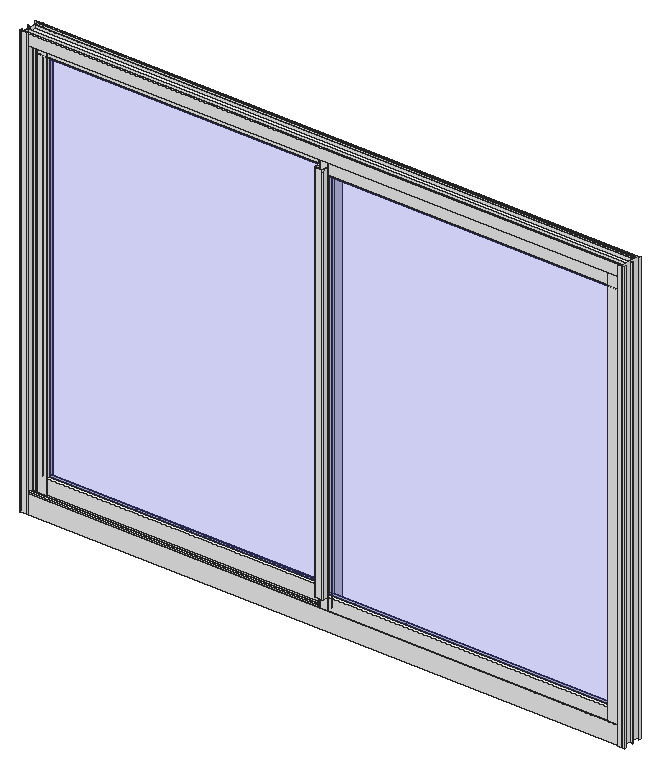
Revit family "Elite_Sliding_Window_OX_Standard", category Windows, host Wall, Revit 2014
Parameters (values of type "Elite-2115OX-1000Pa")
  Windload Design = if(Custom Windload < 1001 mm, 1000 mm, if(Custom Windload < 1501 mm, 1500 mm, 2000 mm))  # 1000 mm
  Width Sash Right [instance] = 1047.9 mm
  Width Sash Left [instance] = 1047.9 mm
  Width = if(Custom Window Width < Limit Window Width Min, Limit Window Width Min, if(Custom Window Width > Limit Window Width Max, Limit Window Width Max, Custom Window Width))  # 2090 mm
  Wall Thickness [instance] = 200 mm
  URL = "http://www.crealco.co.za/crealco-products.php"
  Thermal Resistance (R) [instance] = if(IGDB or SAGDB Number = 1000015, 1.0000 (m²·K)/W / Clearvue U Value, if(IGDB or SAGDB Number = 9922, 1.0000 (m²·K)/W / Energy Advantage U Value, if(IGDB or SAGDB Number = 100100, 1.0000 (m²·K)/W / Intruderprufe U Value, if(IGDB or SAGDB Number = 103200, 1.0000 (m²·K)/W / Intruderprufe LowE U Value, 1.0000 (m²·K)/W / 7.9)))) * 1  # 0.126582 (m²·K)/W
  Standard Interlocker = not(Inside Heavy Duty Interlocker)  # no
  Solar Heat Gain Coefficient [instance] = if(IGDB or SAGDB Number = 1000015, Clearvue SHGC Value, if(IGDB or SAGDB Number = 9922, Energy Advantage SHGC Value, if(IGDB or SAGDB Number = 100100, Intruderprufe SHGC Value, if(IGDB or SAGDB Number = 103200, Intruderprufe LowE SHGC Value, 0))))  # 0
  Sash Width Right = (Width - (2 mm * 12) - Sash Width Left) + 29.8 mm  # 1047.9 mm
  Sash Width Left = if(Equal Sash Width, ((Width - (2 mm * 12)) / 2) + 14.9 mm, if(Custom Sash Width Left < Limit Sash Width Left Min, Limit Sash Width Left Min, if(Custom Sash Width Left > Limit Sash Width Left Max, Limit Sash Width Left Max, Custom Sash Width Left)))  # 1047.9 mm
  Sash Side Spacing = 0.5 mm  # constant formula
  Sash Height = Height - 29 mm - 54 mm  # 1407 mm
  Sash Frame Seal = 2.6 mm  # constant formula
  Rough Width = 2.5 mm
  Overall Width [instance] = 2090 mm
  Overall Height [instance] = 1490 mm
  Outside Heavy Duty Interlocker = if(Interlocker Configuration = 2 mm, 1 = 1, 1 = 0)  # no
  Model = "Elite"  # constant formula
  Max Pane Area = if(Area Right Sash Glazing > Area Left Sash Glazing, Area Right Sash Glazing, Area Left Sash Glazing)  # 1.29646 m²
  Manufacturer = "Crealco"  # constant formula
  Limit Window Width Min = (2 * Limit Sash Width Min) + (2 mm * 12) - 29.8 mm  # 594.2 mm
  Limit Window Width Max = if(Windload Design = 1000 mm, (2 * Limit Sash Width Max) + (2 mm * 12) - 29.8 mm, if(Windload Design = 1500 mm, if(Custom Window Height > 1490 mm, 1490 mm, (2 * Limit Sash Width Max) + (2 mm * 12) - 29.8 mm), if(Custom Window Height > 1490 mm, 890 mm, (2 * Limit Sash Width Max) + (2 mm * 12) - 29.8 mm)))  # 2994.2 mm
  Limit Window Height Min = Limit Sash Height Min + (29 mm + 54 mm)  # 383 mm
  Limit Window Height Max = if(Windload Design = 1000 mm, Limit Sash Height Max + (29 mm + 54 mm), if(Windload Design = 1500 mm, if(and(Custom Window Width > 1490 mm, Custom Window Height > 1490 mm), 1490 mm, Limit Sash Height Max + (29 mm + 54 mm)), if(and(Custom Window Width > 890 mm, Custom Window Height > 1490 mm), 1490 mm, Limit Sash Height Max + (29 mm + 54 mm))))  # 1883 mm
  Limit Sash Width Min = 300 mm  # constant formula
  Limit Sash Width Max = 1500 mm  # constant formula
  Limit Sash Width Left Min = if(Width - (2 mm * 12) - Limit Sash Width Max + 29.8 mm < Limit Sash Width Min, Limit Sash Width Min, Width - (2 mm * 12) - Limit Sash Width Max + 29.8 mm)  # 595.8 mm
  Limit Sash Width Left Max = if(Width - (2 mm * 12) - Limit Sash Width Min + 29.8 mm > Limit Sash Width Max, Limit Sash Width Max, Width - (2 mm * 12) - Limit Sash Width Min + 29.8 mm)  # 1500 mm
  Limit Sash Height Min = 300 mm  # constant formula
  Limit Sash Height Max = 1800 mm  # constant formula
  Intruderprufe U Value = 5.7
  Intruderprufe SHGC Value = 0.727
  Intruderprufe LowE U Value = 3.95
  Intruderprufe LowE SHGC Value = 0.638
  Interlocker Configuration = if(Windload Design = 1000 mm, if(or(not(Height > 890 mm), or(and(not(Height > 1190 mm), not(Width > 2690 mm)), and(not(Height > 1490 mm), not(Width > 890 mm)))), 0 mm, if(and(Height > 1490 mm, Width > 1190 mm), 2 mm, 1 mm)), if(Windload Design = 1500 mm, if(or(and(not(Width > 1190 mm), not(Height > 1190 mm)), not(Height > 890 mm)), 0 mm, if(or(and(Width > 1790 mm, Height > 1190 mm), and(Width > 890 mm, Height > 1490 mm)), 2 mm, 1 mm)), if(or(not(Height > 890 mm), and(not(Width > 890 mm), not(Height > 1190 mm))), 0 mm, if(or(Height > 1490 mm, and(Width > 1190 mm, Height > 1190 mm)), 2 mm, 1 mm))))  # 1 mm
  IGDB or SAGDB Number [instance] = 0
  Height Sash [instance] = 1407 mm
  Inside Heavy Duty Interlocker = if(or(Interlocker Configuration = 1 mm, Interlocker Configuration = 2 mm), 1 = 1, 1 = 0)  # yes
  Height = if(Custom Window Height < Limit Window Height Min, Limit Window Height Min, if(Custom Window Height > Limit Window Height Max, Limit Window Height Max, Custom Window Height))  # 1490 mm
  Heat Transfer Coefficient (U) [instance] = if(IGDB or SAGDB Number = 1000015, Clearvue U Value, if(IGDB or SAGDB Number = 9922, Energy Advantage U Value, if(IGDB or SAGDB Number = 100100, Intruderprufe U Value, if(IGDB or SAGDB Number = 103200, Intruderprufe LowE U Value, 7.9)))) * 1.0000 W/(m²·K)  # 7.9000 W/(m²·K)
  Glazing Thickness [instance] = if(IGDB or SAGDB Number = 1000015, 4 mm, if(IGDB or SAGDB Number = 9922, 4 mm, if(IGDB or SAGDB Number = 100100, 6 mm, if(IGDB or SAGDB Number = 103200, 7 mm, if(not(Max Pane Area > 0.75 m²), 4 mm, if(not(Max Pane Area > 1.50 m²), 4 mm, if(not(Max Pane Area > 2.10 m²), 5 mm, if(not(Max Pane Area > 2.90 m²), 6.4 mm, if(not(Max Pane Area > 4.30 m²), 8 mm, 10 mm)))))))))  # 4 mm
  Glazing Material [instance] = if(IGDB or SAGDB Number = 1000015, "PFG CLEARVUE 4mm", if(IGDB or SAGDB Number = 9922, "PFG ENERGY ADVANTAGE 4mm LOW-E", if(IGDB or SAGDB Number = 100100, "PFG INTRUDERPRUFE 6.38mm", if(IGDB or SAGDB Number = 103200, "PFG INTRUDERPRUFE LOW-E 7.38mm", "Unknown"))))  # "Unknown"
  Glazing Finish [instance] = Glass
  Glazing Code [instance] = if(IGDB or SAGDB Number = 1000015, "CF4", if(IGDB or SAGDB Number = 9922, "CF4E", if(IGDB or SAGDB Number = 100100, "LAM01", if(IGDB or SAGDB Number = 103200, "LAM01E", "Unknown"))))  # "Unknown"
  Frame Thickness = 70.3 mm  # constant formula
  Frame Offset From Exterior [instance] = if(Centered In Wall, (Wall Thickness - Frame Thickness) / 2, Custom Frame Offset From Exterior)  # 64.85 mm
  Equal Sash Width = yes
  Energy Advantage U Value = 4.07
  Energy Advantage SHGC Value = 0.686
  Description = "Sliding window, OX"  # constant formula
  Default Sill Height = 800 mm
  Wall Closure = By host
  Custom Window Width = 2090 mm
  Custom Window Height = 1490 mm
  Custom Windload = 1000 mm
  Custom Sash Width Left = 600 mm
  Custom Frame Offset From Exterior = 0 mm
  Clearvue U Value = 5.83
  Clearvue SHGC Value = 0.767
  Centered In Wall = yes
  Area Right Sash Glazing = (Sash Width Right - 21 mm - 41 mm) * (Sash Height - (46 mm * 2))  # 1.29646 m²
  Area Left Sash Glazing = (Sash Width Left - 21 mm - 41 mm) * (Sash Height - (46 mm * 2))  # 1.29646 m²
  Aluminium Finish [instance] = White Powder Coated Aluminium ANP 1052
  All Available Glazing Numbers [instance] = "The rows below list the available glazing materials for this window:"  # constant formula
  9922 [instance] = "CF4E"  # constant formula
  103200 [instance] = "LAM01E"  # constant formula
  100100 [instance] = "LAM01"  # constant formula
  1000015 [instance] = "CF4"  # constant formula
Reference planes
  plane 1 "Center (Front/Back)": y = 0
  plane 2 "Center (Left/Right)": x = 0
  plane 3 "Left": x = -1045
  plane 4 "Right": x = 1045
  plane 5 "Sill": z = 800
  plane 6 "Head": z = 2290
  plane 7 "Exterior": y = 100
  plane 8 "Interior": y = -100
Lines and regions (mm)
  Opening 1
    outline origin (3500, -100, 0) x (1, 0, 0) y (0, 0, 1)
      loop
        line (-2455, 800) -> (-2455, 2290) -> (-4545, 2290) -> (-4545, 800) -> (-2455, 800)
Text (mm)
  text "EXTERIOR" at (-1963.203, 1332.353, 0), in view "Ref. Level"
  text "INTERIOR" at (-1981.466, -818.386, 0), in view "Ref. Level"
  text "Exterior" at (0, 923.751, 2943.296), in view "Right"
  text "Exterior" at (0, 1040.484, 2685.409), in view "Left"
Dimensions and locks
  equal spacing: plane 3 "Left", plane 2 "Center (Left/Right)", plane 4 "Right"
  "Width": plane 3 "Left" to plane 4 "Right"
  "Height": plane 5 "Sill" to plane 6 "Head"
  "Default Sill Height": plane 5 "Sill" to level
  locked: plane 7 "Exterior" to host wall at 0
  locked: plane 8 "Interior" to host wall
  "Overall Height": plane 6 "Head" to plane 5 "Sill"
  "Overall Width": plane 3 "Left" to plane 4 "Right"
  locked: host wall to nested 1 at 35.15
  "Sash Frame Seal": nested 1 to nested 2
  "Sash Frame Seal": nested 1 to nested 3
  "Sash Side Spacing": nested 1 to nested 3
  "Sash Side Spacing": nested 2 to nested 1
  "Width Sash Left": nested 2 to nested 2
  "Height Sash": nested 2 to nested 2
  "Width Sash Right": nested 3 to nested 3
  "Wall Thickness": host wall to host wall
  aligned and locked: nested 1 to plane 6 "Head"
  aligned and locked: nested 1 to plane 3 "Left"
  aligned and locked: nested 3 to nested 1
  aligned and locked: nested 2 to nested 1
Automatic sketch dimensions
  plane 3 "Left" to Opening 1 sketch curve = 0 mm
  plane 4 "Right" to Opening 1 sketch curve = 0 mm
  Opening 1 sketch curve to plane 5 "Sill" = 0 mm
  Opening 1 sketch curve to plane 6 "Head" = 0 mm
Nested families
  nested 1: "Elite_Frame_OX_Std" at (1045, -35.15, 800), Profile Material <- "Aluminium Finish", Width <- "Width", Height <- "Height", type "Elite_Frame_OX_Std"
    with Width 2090 mm, Profile Material White Powder Coated Aluminium ANP 1052, Length Jamb 1490 mm, Length Head & Sill 2067 mm, Height 1490 mm
  nested 2: "Elite_Sash_Inner_OX_Std" at (1033, -30.5, 854), Profile Material <- "Aluminium Finish", Glazing Material <- "Glazing Finish", Sash Width <- "Sash Width Left", Sash Height <- "Sash Height", Glazing Thickness <- "Glazing Thickness", Is Heavy Duty Interlocker <- "Inside Heavy Duty Interlocker", type "Elite_Sash_Inner_OX_Std"
    with Sash Width 1047.9 mm, Sash Height 1407 mm, Right Sliding no, Profile Material White Powder Coated Aluminium ANP 1052, Length Sash Head & Sill 1031.9 mm, Length Arrow Tip 95.687 mm, Length Arrow 315.767 mm, Left Sliding no, Is Standard Interlocker no, Is Sliding no, Is Heavy Duty Interlocker yes, Glazing Width 985.9 mm, Glazing Thickness 4 mm, Glazing Start -2 mm, Glazing Material Glass, Glazing Height 1315 mm, Glazing Frame Side Gap 3 mm, Glazing End 2 mm, Arrow Tip Length 95.687 mm, Arrow Left Gap 335.067 mm, Arrow Bottom Gap 657.5 mm
  nested 3: "Elite_Sash_Outer_OX_Std" at (-1033, 30.2, 854) x (-1, 0, 0) z (0, 0, 1), Profile Material <- "Aluminium Finish", Glazing Material <- "Glazing Finish", Glazing Thickness <- "Glazing Thickness", Sash Width <- "Sash Width Right", Sash Height <- "Sash Height", Is Heavy Duty Interlocker <- "Outside Heavy Duty Interlocker", type "Elite_Sash_Outer_OX_Std"
    with Sash Width 1047.9 mm, Sash Height 1407 mm, Right Sliding yes, Profile Material White Powder Coated Aluminium ANP 1052, Length Sash Head & Sill 1031.9 mm, Length Arrow Tip 95.687 mm, Length Arrow 315.767 mm, Left Sliding no, Is Standard Interlocker yes, Is Sliding yes, Is Heavy Duty Interlocker no, Glazing Width 985.9 mm, Glazing Thickness 4 mm, Glazing Start -2 mm, Glazing Material Glass, Glazing Height 1315 mm, Glazing Frame Side Gap 3 mm, Glazing End 2 mm, Arrow Tip Length 95.687 mm, Arrow Left Gap 335.067 mm, Arrow Bottom Gap 657.5 mm
Definition of nested family "Elite_Frame_OX_Std"
  Parameters (values of type "Elite_Frame_OX_XX")
    Width [instance] = 900 mm
    Profile Material [instance] = none
    Length Jamb [instance] = Height  # 900 mm
    Length Head & Sill [instance] = Width - 2 * 11.5 mm  # 877 mm
    Height [instance] = 900 mm
  Reference planes
    plane 1 "Center (Front/Back)": y = 0
    plane 2: z = 0
    plane 3 "Center (Left/Right)": x = 0
  Dimensions and locks
    aligned and locked: level to plane 2
    aligned and locked: nested 2 to plane 2
    aligned and locked: plane 3 "Center (Left/Right)" to nested 2
    aligned and locked: plane 1 "Center (Front/Back)" to nested 2
    aligned and locked: nested 1 to nested 2  (x2)
    aligned and locked: nested 2 to nested 3
    aligned and locked: nested 2 to nested 1
    aligned and locked: nested 4 to plane 1 "Center (Front/Back)"
    aligned and locked: nested 4 to nested 1
    aligned and locked: plane 2 to nested 4
    aligned and locked: nested 3 to nested 2
    aligned and locked: nested 3 to nested 4
  Nested families
    nested 1: "Elite_Frame_Sill" at (-11.5, 68.5, 0) x (-1, 0, 0) z (0, 0, 1), Profile Material <- "Profile Material", Length Frame Sill <- "Length Head & Sill", type "Elite_Frame_Sill"
      with Profile Material none, Length Frame Sill 877 mm
    nested 2: "Elite_Frame_Jamb_Mirror" at (-24.5, 70.3, 0) x (0, -1, 0) z (0, 0, 1), Profile Material <- "Profile Material", Length Frame Jamb <- "Length Jamb", type "Elite_Frame_Jamb_Mirror"
      with Profile Material none, Length Frame Jamb 900 mm
    nested 3: "Elite_Frame_Head" at (-888.5, 1.5, 759.46), Profile Material <- "Profile Material", Length Frame Head <- "Length Head & Sill", type "Elite_Frame_Head"
      with Profile Material none, Length Frame Head 877 mm
    nested 4: "Elite_Frame_Jamb" at (-875.5, 70.3, 0) x (0, -1, 0) z (0, 0, 1), Profile Material <- "Profile Material", Length Frame Jamb <- "Length Jamb", type "Elite_Frame_Jamb"
      with Profile Material none, Length Frame Jamb 900 mm
  Definition of nested family "Elite_Frame_Sill"
    Parameters (values of type "Elite_Frame_Sill")
      Profile Material [instance] = none
      Length Frame Sill [instance] = 250 mm
    Reference planes
      plane 1 "Center (Front/Back)": y = 0
      plane 2: z = 0
      plane 3 "Center (Left/Right)": x = 0
    Forms (mm)
      Extrusion 1, solid, material <- "Profile Material"
        sketch origin (0, 0, 0) x (0, 1, 0) y (0, 0, 1)
          loop
            line (20.5, 61.807) -> (15.922, 62.99) -> (11.5, 61.805) -> (11.5, 54) -> (12.9, 54) -> (12.9, 60.734) -> (16.078, 61.54) -> (19.1, 60.731) -> (19.1, 37) -> (12.88, 36.997) -> (0, 35.262) -> (0, 11.5) -> (1.4, 11.5) -> (1.4, 15) -> (12, 15) -> (12, 0) -> (17, 0) -> (17, 1) -> (13.4, 1) -> (13.4, 5) -> (17, 5) -> (17, 6) -> (13.4, 6) -> (13.4, 18.532) -> (65.6, 20.009) -> (65.6, 6) -> (62, 6) -> (62, 5) -> (65.6, 5) -> (65.6, 1) -> (62, 1) -> (62, 0) -> (67, 0) -> (67, 63) -> (65.6, 63) -> (65.6, 37) -> (55.5, 37) -> (55.5, 61.807) -> (50.922, 62.99) -> (46.5, 61.805) -> (46.5, 54) -> (47.9, 54) -> (47.9, 60.734) -> (51.078, 61.54) -> (54.1, 60.731) -> (54.1, 37) -> (20.5, 37) -> (20.5, 61.807)
          loop
            line (65.6, 35.6) -> (12.994, 35.6) -> (1.4, 34.038) -> (1.4, 16.4) -> (12, 16.4) -> (12, 19.893) -> (65.6, 21.409) -> (65.6, 35.6)
        from 0 to 250 <- "Length Frame Sill"
    Dimensions and locks
      aligned and locked: level to plane 2
  Definition of nested family "Elite_Frame_Jamb_Mirror"
    Parameters (values of type "Elite_Frame_Jamb_Mirror")
      Void Spacing Top = 13 mm  # constant formula
      Void Spacing Bottom = 38 mm  # constant formula
      Void Cut Length = 13 mm  # constant formula
      Profile Material [instance] = none
      Length Frame Jamb [instance] = 250 mm
    Reference planes
      plane 1 "Center (Front/Back)": y = 0
      plane 2: z = 0
      plane 3 "Center (Left/Right)": x = 0
    Forms (mm)
      Extrusion 1, solid, material <- "Profile Material"
        sketch origin (-5.594, -3.252, 0) x (1, 0, 0) y (0, 1, 0)
          loop
            line (74.394, 26.252) -> (74.394, 17.752) -> (41.394, 17.752) -> (41.394, 27.752) -> (40.094, 27.752) -> (40.094, 17.752) -> (7.094, 17.752) -> (7.094, 26.252) -> (12.594, 26.252) -> (12.594, 27.752) -> (5.594, 27.752) -> (5.594, 3.252) -> (7.094, 3.252) -> (7.094, 16.252) -> (49.743, 16.252) -> (49.743, 10.75) -> (52.03, 3.252) -> (53.599, 3.252) -> (50.994, 11.791) -> (50.994, 16.252) -> (65.494, 16.252) -> (65.494, 11.791) -> (62.888, 3.252) -> (64.457, 3.252) -> (66.744, 10.793) -> (66.744, 16.252) -> (74.394, 16.252) -> (74.394, 3.252) -> (75.894, 3.252) -> (75.894, 27.752) -> (68.894, 27.752) -> (68.894, 26.252) -> (74.394, 26.252)
        from 0 to 250 <- "Length Frame Jamb"
      Extrusion 2, void
        sketch origin (70.3, 0, 0) x (1, 0, 0) y (0, 0, -1)
          loop
            line (-26.151, -237) -> (-26.151, -250) -> (-9.15, -250) -> (-9.15, -237) -> (-26.151, -237)
          loop
            line (-26.151, -38) -> (-9.15, -38) -> (-9.15, 0) -> (-26.151, 0) -> (-26.151, -38)
        from 0 to 13 <- "Void Cut Length"
    Cuts and joins
      Extrusion 2 cuts Extrusion 1
    Dimensions and locks
      "Void Spacing Top": Extrusion 2 sketch curve to Extrusion 2 sketch curve
      "Void Spacing Bottom": Extrusion 2 sketch curve to Extrusion 2 sketch curve
      aligned and locked: level to plane 2
      aligned and locked: Extrusion 1 to Extrusion 2 sketch curve  (x2)
      aligned and locked: Extrusion 2 sketch curve to Extrusion 1
      aligned and locked: Extrusion 2 sketch curve to cut or joined group of Extrusion 1, Extrusion 2  (x3)
    Automatic sketch dimensions
      Extrusion 1 sketch curve to plane 3 "Center (Left/Right)" = 0 mm
      plane 1 "Center (Front/Back)" to Extrusion 1 sketch curve = 0 mm  (x4)
      plane 3 "Center (Left/Right)" to Extrusion 1 sketch curve = 1.5 mm  (x2)
      Extrusion 1 sketch curve to Extrusion 1 sketch curve = 5.5 mm  (x2)
      Extrusion 1 sketch curve to Extrusion 1 sketch curve = 27.5 mm
      Extrusion 1 sketch curve to Extrusion 1 sketch curve = 1.3 mm
      Extrusion 1 sketch curve to Extrusion 1 sketch curve = 8.349 mm
      Extrusion 1 sketch curve to Extrusion 1 sketch curve = 1.251 mm
      Extrusion 1 sketch curve to Extrusion 1 sketch curve = 2.288 mm
      Extrusion 1 sketch curve to Extrusion 1 sketch curve = 1.568 mm
      Extrusion 1 sketch curve to Extrusion 1 sketch curve = 9.29 mm
      Extrusion 1 sketch curve to Extrusion 1 sketch curve = 1.569 mm
      Extrusion 1 sketch curve to Extrusion 1 sketch curve = 1.037 mm
      Extrusion 1 sketch curve to Extrusion 1 sketch curve = 1.25 mm
      Extrusion 1 sketch curve to Extrusion 1 sketch curve = 2.15 mm
      Extrusion 1 sketch curve to Extrusion 1 sketch curve = 0 mm  (x3)
      Extrusion 1 sketch curve to Extrusion 1 sketch curve = 1.5 mm  (x5)
      Extrusion 1 sketch curve to plane 1 "Center (Front/Back)" = 7.498 mm
      Extrusion 1 sketch curve to plane 1 "Center (Front/Back)" = 7.54 mm
      Extrusion 1 sketch curve to Extrusion 1 sketch curve = 0.998 mm
      Extrusion 1 sketch curve to Extrusion 1 sketch curve = 1.041 mm
      Extrusion 1 sketch curve to Extrusion 1 sketch curve = 4.461 mm
      Extrusion 1 sketch curve to Extrusion 1 sketch curve = 8.5 mm  (x2)
      Extrusion 1 sketch curve to Extrusion 1 sketch curve = 10 mm
  Definition of nested family "Elite_Frame_Head"
    Parameters (values of type "Elite_Frame_Head")
      Profile Material [instance] = none
      Length Frame Head [instance] = 250 mm
    Reference planes
      plane 1 "Center (Front/Back)": y = 0
      plane 2: z = 0
      plane 3 "Center (Left/Right)": x = 0
    Forms (mm)
      Extrusion 1, solid, material <- "Profile Material"
        sketch origin (0, 0, 0) x (0, 1, 0) y (0, 0, 1)
          loop
            line (11.5, 102.54) -> (20.5, 102.54) -> (20.5, 111.54) -> (19.1, 111.54) -> (19.1, 103.94) -> (12.9, 103.94) -> (12.9, 128.64) -> (54.1, 128.64) -> (54.1, 103.94) -> (47.9, 103.94) -> (47.9, 111.54) -> (46.5, 111.54) -> (46.5, 102.54) -> (55.5, 102.54) -> (55.5, 128.64) -> (65.5, 128.64) -> (65.5, 102.54) -> (67, 102.54) -> (67, 140.54) -> (61.65, 140.54) -> (61.65, 139.14) -> (65.5, 139.14) -> (65.5, 130.04) -> (49.298, 130.04) -> (49.298, 140.54) -> (47.9, 140.54) -> (47.9, 130.04) -> (19.1, 130.04) -> (19.1, 140.54) -> (17.7, 140.54) -> (17.7, 130.04) -> (1.5, 130.04) -> (1.5, 139.14) -> (5.35, 139.14) -> (5.35, 140.54) -> (0, 140.54) -> (0, 102.54) -> (1.5, 102.54) -> (1.5, 128.64) -> (11.5, 128.64) -> (11.5, 102.54)
        from 0 to 250 <- "Length Frame Head"
    Dimensions and locks
      aligned and locked: level to plane 2
  Definition of nested family "Elite_Frame_Jamb"
    Parameters (values of type "Elite_Frame_Jamb")
      Void Spacing Top = 13 mm  # constant formula
      Void Spacing Bottom = 38 mm  # constant formula
      Void Cut Length = 13 mm  # constant formula
      Profile Material [instance] = none
      Length Frame Jamb [instance] = 250 mm
    Reference planes
      plane 1 "Center (Front/Back)": y = 0
      plane 2: z = 0
      plane 3 "Center (Left/Right)": x = 0
    Forms (mm)
      Extrusion 1, solid, material <- "Profile Material"
        sketch origin (-5.594, -3.252, 0) x (1, 0, 0) y (0, 1, 0)
          loop
            line (7.094, 26.252) -> (12.594, 26.252) -> (12.594, 27.752) -> (5.594, 27.752) -> (5.594, 3.252) -> (7.094, 3.252) -> (7.094, 16.252) -> (14.744, 16.252) -> (14.744, 10.793) -> (17.03, 3.252) -> (18.599, 3.252) -> (15.994, 11.791) -> (15.994, 16.252) -> (30.494, 16.252) -> (30.494, 11.791) -> (27.888, 3.252) -> (29.457, 3.252) -> (31.744, 10.75) -> (31.744, 16.252) -> (74.394, 16.252) -> (74.394, 3.252) -> (75.894, 3.252) -> (75.894, 27.752) -> (68.894, 27.752) -> (68.894, 26.252) -> (74.394, 26.252) -> (74.394, 17.752) -> (41.394, 17.752) -> (41.394, 27.752) -> (40.094, 27.752) -> (40.094, 17.752) -> (7.094, 17.752) -> (7.094, 26.252)
        from 0 to 250 <- "Length Frame Jamb"
      Extrusion 2, void
        sketch origin (68.8, 0, 0) x (-1, 0, 0) y (0, 0, 1)
          loop
            line (59.65, 250) -> (42.649, 250) -> (42.649, 237) -> (59.65, 237) -> (59.65, 250)
          loop
            line (42.649, 0) -> (59.65, 0) -> (59.65, 38) -> (42.649, 38) -> (42.649, 0)
        from 0 to 13 <- "Void Cut Length"
    Cuts and joins
      Extrusion 2 cuts Extrusion 1
    Dimensions and locks
      "Void Spacing Bottom": Extrusion 2 sketch curve to Extrusion 2 sketch curve
      "Void Spacing Top": Extrusion 2 sketch curve to Extrusion 2 sketch curve
      aligned and locked: level to plane 2
      aligned and locked: Extrusion 2 sketch curve to Extrusion 1  (x6)
    Automatic sketch dimensions
      plane 1 "Center (Front/Back)" to Extrusion 1 sketch curve = 0 mm  (x4)
      Extrusion 1 sketch curve to plane 3 "Center (Left/Right)" = 0 mm
      plane 3 "Center (Left/Right)" to Extrusion 1 sketch curve = 1.5 mm  (x2)
      Extrusion 1 sketch curve to Extrusion 1 sketch curve = 5.5 mm  (x2)
      Extrusion 1 sketch curve to Extrusion 1 sketch curve = 7.65 mm
      Extrusion 1 sketch curve to Extrusion 1 sketch curve = 1.25 mm
      Extrusion 1 sketch curve to Extrusion 1 sketch curve = 2.287 mm
      Extrusion 1 sketch curve to Extrusion 1 sketch curve = 1.569 mm
      Extrusion 1 sketch curve to Extrusion 1 sketch curve = 9.29 mm
      Extrusion 1 sketch curve to Extrusion 1 sketch curve = 1.568 mm
      Extrusion 1 sketch curve to Extrusion 1 sketch curve = 1.037 mm
      Extrusion 1 sketch curve to plane 1 "Center (Front/Back)" = 7.498 mm
      Extrusion 1 sketch curve to Extrusion 1 sketch curve = 1.251 mm
      Extrusion 1 sketch curve to Extrusion 1 sketch curve = 8.349 mm
      Extrusion 1 sketch curve to Extrusion 1 sketch curve = 1.3 mm
      Extrusion 1 sketch curve to Extrusion 1 sketch curve = 27.5 mm
      Extrusion 1 sketch curve to Extrusion 1 sketch curve = 0 mm  (x3)
      Extrusion 1 sketch curve to Extrusion 1 sketch curve = 1.5 mm  (x5)
      Extrusion 1 sketch curve to plane 1 "Center (Front/Back)" = 7.54 mm
      Extrusion 1 sketch curve to Extrusion 1 sketch curve = 0.998 mm
      Extrusion 1 sketch curve to Extrusion 1 sketch curve = 1.041 mm
      Extrusion 1 sketch curve to Extrusion 1 sketch curve = 4.461 mm
      Extrusion 1 sketch curve to Extrusion 1 sketch curve = 8.5 mm  (x2)
      Extrusion 1 sketch curve to Extrusion 1 sketch curve = 10 mm
Definition of nested family "Elite_Sash_Inner_OX_Std"
  Parameters (values of type "Elit_Sash_Inner")
    Top&Bottom Side Spacing = 14.5 mm  # constant formula
    Sash Width [instance] = 1500 mm
    Sash Height [instance] = 1200 mm
    Right Sliding [instance] = yes
    Profile Material [instance] = White Powder Coated Aluminium ANP 1052
    Overlap Gap = 1.4 mm  # constant formula
    Middle of Glazing = 13 mm  # constant formula
    Length Sash Head & Sill [instance] = Sash Width - 14.5 mm - 1.5 mm  # 1484 mm
    Length Arrow Tip [instance] = Length Arrow / 3.3  # 141.354 mm
    Length Arrow [instance] = (Sash Width - (2 * 50.3 mm)) / 3  # 466.467 mm
    Left Sliding [instance] = yes
    Is Standard Interlocker [instance] = not(Is Heavy Duty Interlocker)  # no
    Is Sliding [instance] = if(or(Right Sliding, Left Sliding), 1 = 1, 1 = 2)  # yes
    Is Heavy Duty Interlocker [instance] = yes
    Glazing Width [instance] = Sash Width - 21 mm - 41 mm  # 1438 mm
    Glazing Thickness [instance] = 6.4 mm
    Glazing Start [instance] = -Glazing Thickness / 2  # -3.2 mm
    Glazing Side Spacing = 41 mm  # constant formula
    Glazing Profile Gap = 459.05 mm
    Glazing Material [instance] = Glass
    Glazing Height [instance] = Sash Height - (46 mm * 2)  # 1108 mm
    Glazing Frame Side Gap [instance] = (10 mm - Glazing Thickness) / 2  # 1.8 mm
    Glazing Frame Gap = 5 mm  # constant formula
    Glazing End [instance] = Glazing Thickness / 2  # 3.2 mm
    Glazing Edge Interlocker Gap = 17 mm  # constant formula
    Glazing Edge Bottom and Top Gap = 46 mm  # constant formula
    Arrow Tip Length [instance] = if((Sash Height - (2 * 50.3 mm)) / 8 > Length Arrow / 3.3, Length Arrow / 3.3, (Sash Height - (2 * 50.3 mm)) / 8)  # 137.425 mm
    Arrow Tip Angle = 45.00°
    Arrow Left Gap [instance] = (Sash Width - 21 mm - 41 mm - Length Arrow) / 2  # 485.767 mm
    Arrow Bottom Gap [instance] = Sash Height / 2 - 46 mm  # 554 mm
    1.5 Spacing = 1.5 mm  # constant formula
  Reference planes
    plane 1 "Center (Front/Back)": y = 0
    plane 2: z = 0
    plane 3 "Center (Left/Right)": x = 0
    plane 4: y = -13
  Forms (mm)
    Extrusion 1, solid, material "Glass" <- "Glazing Material"
      sketch origin (-1492.688, -13, 1709.9) x (-1, 0, 0) y (0, 0, 1)
        loop
          line (-13.688, -555.9) -> (-1451.688, -555.9) -> (-1451.688, -1663.9) -> (-13.688, -1663.9) -> (-13.688, -555.9)
      from -3.2 <- "Glazing Start" to 3.2 <- "Glazing End"
  Lines and regions (mm)
    model lines, visible <- "Is Sliding"
      curve 1: line (-993.233, -16.2, 600) -> (-526.767, -16.2, 600)
    model lines, visible <- "Left Sliding"
      curve 2: line (-526.767, -16.2, 600) -> (-623.941, -16.2, 697.174)
      curve 3: line (-526.767, -16.2, 600) -> (-623.941, -16.2, 502.826)
    model lines, visible <- "Right Sliding"
      curve 4: line (-993.233, -16.2, 600) -> (-893.281, -16.2, 699.952)
      curve 5: line (-993.233, -16.2, 600) -> (-893.281, -16.2, 500.048)
  Dimensions and locks
    "Length Arrow": curve 1 to curve 1
    "Arrow Left Gap": Extrusion 1 to curve 1
    "Arrow Bottom Gap": Extrusion 1 to curve 1
    "Arrow Tip Length": curve 3 to curve 2
    "Arrow Tip Length": curve 3 to curve 3
    "Length Arrow Tip": curve 5 to curve 5
    "Length Arrow Tip": curve 5 to curve 4
    "Middle of Glazing": plane 4 to plane 1 "Center (Front/Back)"
    "Glazing Width": Extrusion 1 to Extrusion 1
    "Glazing Height": Extrusion 1 to Extrusion 1
    "Sash Width": nested 2 to plane 3 "Center (Left/Right)"
    "Glazing Side Spacing": Extrusion 1 to plane 3 "Center (Left/Right)"
    "1.5 Spacing": nested 3 to plane 1 "Center (Front/Back)"
    "Top&Bottom Side Spacing": nested 3 to plane 3 "Center (Left/Right)"
    "Top&Bottom Side Spacing": nested 4 to plane 3 "Center (Left/Right)"
    "1.5 Spacing": nested 4 to plane 1 "Center (Front/Back)"
    "Sash Height": nested 3 to plane 2
    "Glazing Edge Bottom and Top Gap": plane 2 to Extrusion 1
    "Sash Width": nested 5 to plane 3 "Center (Left/Right)"
    "Arrow Tip Angle": angle curve 3 to curve 1
    "Arrow Tip Angle": angle curve 1 to curve 2
    "Arrow Tip Angle": angle curve 4 to curve 1
    "Arrow Tip Angle": angle curve 1 to curve 5
    aligned and locked: level to plane 2
    aligned and locked: plane 3 "Center (Left/Right)" to nested 1
    aligned and locked: nested 1 to plane 2
    aligned and locked: nested 4 to plane 2
    aligned and locked: nested 2 to plane 2
    aligned and locked: nested 2 to plane 1 "Center (Front/Back)"
    aligned and locked: nested 5 to plane 1 "Center (Front/Back)"
    aligned and locked: nested 5 to plane 2
  Automatic sketch dimensions
    Extrusion 1 sketch curve to Extrusion 1 sketch curve = 1108 mm
    level to Extrusion 1 sketch curve = 46 mm
    Extrusion 1 sketch curve to plane 3 "Center (Left/Right)" = 41 mm
    Extrusion 1 sketch curve to Extrusion 1 sketch curve = 1438 mm
  Nested families
    nested 1: "Elite_Lock_Stile" at (0, -26, 0) x (0, 1, 0) z (0, 0, 1), Profile Material <- "Profile Material", Length Lock Stile <- "Sash Height", type "Elite_Lock_Stile"
      with Profile Material White Powder Coated Aluminium ANP 1052, Length Lock Stile 1200 mm
    nested 2: "Elite_Interlocker" at (-1506.667, 6.916, 0) x (0, -1, 0) z (0, 0, 1), Profile Material <- "Profile Material", Length Interlocker <- "Sash Height", visible <- "Is Standard Interlocker", type "Elite_Interlocker"
      with Profile Material White Powder Coated Aluminium ANP 1052, Length Interlocker 1200 mm
    nested 3: "Elite_Sash_Top" at (-1498.5, -24.2, 1052), Profile Material <- "Profile Material", Length Sash Top <- "Length Sash Head & Sill", type "Elite_Sash_Top"
      with Profile Material White Powder Coated Aluminium ANP 1052, Length Sash Top 1484 mm
    nested 4: "Elite_Sash_Bottom" at (-1498.5, -24.2, 0), Profile Material <- "Profile Material", Length Sash Bottom <- "Length Sash Head & Sill", type "Elite_Sash_Bottom"
      with Profile Material White Powder Coated Aluminium ANP 1052, Length Sash Bottom 1484 mm
    nested 5: "Elite_Heavy_Duty_Interlocker_Inside" at (-1500, 20, 0) x (0, -1, 0) z (0, 0, 1), Length Heavy Duty Interlocker <- "Sash Height", Profile Material <- "Profile Material", visible <- "Is Heavy Duty Interlocker", type "Elite_Heavy_Duty_Interlocker_Inside"
      with Profile Material White Powder Coated Aluminium ANP 1052, Length Heavy Duty Interlocker 1200 mm
  Definition of nested family "Elite_Lock_Stile"
    Parameters (values of type "Elite_Lock_Stile")
      Width Rail Cut = 13 mm  # constant formula
      Side Gap Rail Cut = 5 mm  # constant formula
      Profile Material [instance] = none
      Length Lock Stile [instance] = 250 mm
      Height Rail Cut = 26 mm  # constant formula
      Height Large Cut = 55 mm  # constant formula
    Reference planes
      plane 1 "Center (Front/Back)": y = 0
      plane 2: z = 0
      plane 3 "Center (Left/Right)": x = 0
    Forms (mm)
      Extrusion 1, solid, material <- "Profile Material"
        sketch origin (0, 0, 0) x (1, 0, 0) y (0, 1, 0)
          loop
            line (0, 0) -> (3.5, 0) -> (3.5, 2.4) -> (2.5, 2.4) -> (2.5, 1.2) -> (1.2, 1.2) -> (1.2, 8.8) -> (2.5, 8.8) -> (2.5, 7.6) -> (3.5, 7.6) -> (3.5, 10) -> (1.5, 10) -> (1.5, 13) -> (24.5, 13) -> (24.5, 10) -> (22.5, 10) -> (22.5, 7.6) -> (23.5, 7.6) -> (23.5, 8.8) -> (24.8, 8.8) -> (24.8, 1.2) -> (23.5, 1.2) -> (23.5, 2.4) -> (22.5, 2.4) -> (22.5, 0) -> (26, 0) -> (26, 49.8) -> (24.5, 49.8) -> (24.5, 49) -> (18, 49) -> (18, 43) -> (19.5, 43) -> (19.5, 47.5) -> (24.5, 47.5) -> (24.5, 36) -> (1.5, 36) -> (1.5, 47.5) -> (6.5, 47.5) -> (6.5, 43) -> (8, 43) -> (8, 49) -> (1.5, 49) -> (1.5, 49.8) -> (0, 49.8) -> (0, 0)
          loop
            line (1.5, 14.5) -> (24.5, 14.5) -> (24.5, 34.5) -> (13, 34.5) -> (1.5, 34.5) -> (1.5, 14.5)
        from 0 to 250 <- "Length Lock Stile"
      Extrusion 2, void
        sketch origin (24.4, 49, 0) x (1, 0, 0) y (0, 0, 1)
          loop
            line (0.1, 250) -> (-22.9, 250) -> (-22.9, 195) -> (0.1, 195) -> (0.1, 250)
          loop
            line (-22.9, 0) -> (0.1, 0) -> (0.1, 55) -> (-22.9, 55) -> (-22.9, 0)
        from 0 to 25
      Extrusion 3, void
        sketch origin (13, 14.5, 0) x (1, 0, 0) y (0, 0, 1)
          loop
            line (6.5, 250) -> (-6.5, 250) -> (-6.5, 224) -> (6.5, 224) -> (6.5, 250)
          loop
            line (6.5, 0) -> (6.5, 26) -> (-6.5, 26) -> (-6.5, 0) -> (6.5, 0)
        from 0 to 250
    Cuts and joins
      Extrusion 2, Extrusion 3 cuts Extrusion 1
    Dimensions and locks
      "Height Large Cut": Extrusion 2 sketch curve to Extrusion 2 sketch curve  (x2)
      "Height Rail Cut": Extrusion 3 sketch curve to Extrusion 3 sketch curve  (x2)
      "Width Rail Cut": Extrusion 3 sketch curve to Extrusion 3 sketch curve  (x2)
      "Side Gap Rail Cut": Extrusion 3 sketch curve to cut or joined group of Extrusion 1, Extrusion 2, Extrusion 3  (x2)
      aligned and locked: level to plane 2
      aligned and locked: Extrusion 1 to Extrusion 2 sketch curve  (x2)
      aligned and locked: Extrusion 2 sketch curve to Extrusion 1  (x4)
      aligned and locked: Extrusion 3 sketch curve to cut or joined group of Extrusion 1, Extrusion 2, Extrusion 3
      aligned and locked: cut or joined group of Extrusion 1, Extrusion 2, Extrusion 3 to Extrusion 3 sketch curve
    Automatic sketch dimensions
      Extrusion 1 sketch curve to plane 3 "Center (Left/Right)" = 0 mm
      plane 1 "Center (Front/Back)" to Extrusion 1 sketch curve = 0 mm  (x2)
      plane 3 "Center (Left/Right)" to Extrusion 1 sketch curve = 1.2 mm
      plane 3 "Center (Left/Right)" to Extrusion 1 sketch curve = 1.5 mm  (x2)
      Extrusion 1 sketch curve to Extrusion 1 sketch curve = 0 mm  (x4)
      Extrusion 1 sketch curve to Extrusion 1 sketch curve = 0.3 mm  (x2)
      Extrusion 1 sketch curve to Extrusion 1 sketch curve = 1.3 mm  (x2)
      Extrusion 1 sketch curve to Extrusion 1 sketch curve = 1 mm  (x4)
      Extrusion 1 sketch curve to Extrusion 1 sketch curve = 5 mm  (x4)
      Extrusion 1 sketch curve to Extrusion 1 sketch curve = 1.5 mm  (x6)
      Extrusion 1 sketch curve to plane 1 "Center (Front/Back)" = 2.4 mm
      Extrusion 1 sketch curve to Extrusion 1 sketch curve = 19 mm
      Extrusion 1 sketch curve to Extrusion 1 sketch curve = 2 mm
      Extrusion 1 sketch curve to Extrusion 1 sketch curve = 1.2 mm  (x6)
      Extrusion 1 sketch curve to plane 1 "Center (Front/Back)" = 1.2 mm  (x2)
      Extrusion 1 sketch curve to Extrusion 1 sketch curve = 5.2 mm  (x2)
      Extrusion 1 sketch curve to Extrusion 1 sketch curve = 3 mm
      Extrusion 1 sketch curve to Extrusion 1 sketch curve = 20 mm
      Extrusion 1 sketch curve to Extrusion 1 sketch curve = 7 mm  (x2)
      Extrusion 1 sketch curve to Extrusion 1 sketch curve = 4.5 mm  (x2)
      Extrusion 1 sketch curve to Extrusion 1 sketch curve = 0.8 mm  (x2)
  Definition of nested family "Elite_Interlocker"
    Parameters (values of type "Elite_Interlocker")
      Rail Cut Width = 13 mm  # constant formula
      Rail Cut Side Spacing = 5 mm  # constant formula
      Rail Cut Height = 26 mm  # constant formula
      Profile Material [instance] = none
      Length Interlocker [instance] = 250 mm
      Large Cut Height = 55 mm  # constant formula
    Reference planes
      plane 1 "Center (Front/Back)": y = 0
      plane 2: z = 0
      plane 3 "Center (Left/Right)": x = 0
    Forms (mm)
      Extrusion 1, solid, material <- "Profile Material"
        sketch origin (0, 0, 0) x (1, 0, 0) y (0, 1, 0)
          loop
            line (6.916, 36.467) -> (6.916, 6.667) -> (39.416, 6.667) -> (39.416, 9.551) -> (38.416, 9.551) -> (38.416, 8.167) -> (37.116, 8.167) -> (37.116, 9.551) -> (36.116, 9.551) -> (36.116, 8.167) -> (32.916, 8.167) -> (32.916, 15.167) -> (36.116, 15.167) -> (36.116, 13.78) -> (37.116, 13.78) -> (37.116, 15.167) -> (38.416, 15.167) -> (38.416, 13.78) -> (39.416, 13.78) -> (39.416, 25.167)
            arc (39.416, 25.167) -> (38.973, 25.663) -> (38.429, 25.28) r 0.5
            line (38.429, 25.28) -> (36.426, 16.667) -> (32.916, 16.667) -> (32.916, 36.467) -> (31.416, 36.467) -> (31.416, 35.667) -> (24.916, 35.667) -> (24.916, 29.667) -> (26.416, 29.667) -> (26.416, 34.167) -> (31.416, 34.167) -> (31.416, 22.667) -> (19.916, 22.667) -> (8.416, 22.667) -> (8.416, 34.167) -> (13.416, 34.167) -> (13.416, 29.667) -> (14.916, 29.667) -> (14.916, 35.667) -> (8.416, 35.667) -> (8.416, 36.467) -> (6.916, 36.467)
          loop
            line (8.416, 21.167) -> (8.416, 8.167) -> (31.416, 8.167) -> (31.416, 21.167) -> (19.916, 21.167) -> (8.416, 21.167)
        from 0 to 250 <- "Length Interlocker"
      Extrusion 2, void
        sketch origin (14.616, 35.667, 0) x (1, 0, 0) y (0, 0, 1)
          loop
            line (11.8, 250) -> (-1.2, 250) -> (-1.2, 224) -> (11.8, 224) -> (11.8, 250)
          loop
            line (-1.2, 0) -> (11.8, 0) -> (11.8, 26) -> (-1.2, 26) -> (-1.2, 0)
        from 0 to 250
      Extrusion 3, void
        sketch origin (31.316, 35.667, 0) x (1, 0, 0) y (0, 0, 1)
          loop
            line (0.1, 250) -> (-22.9, 250) -> (-22.9, 195) -> (0.1, 195) -> (0.1, 250)
          loop
            line (-22.9, 0) -> (0.1, 0) -> (0.1, 55) -> (-22.9, 55) -> (-22.9, 0)
        from 0 to 25
    Cuts and joins
      Extrusion 2, Extrusion 3 cuts Extrusion 1
    Dimensions and locks
      "Rail Cut Width": Extrusion 2 sketch curve to Extrusion 2 sketch curve  (x2)
      "Rail Cut Side Spacing": Extrusion 2 sketch curve to Extrusion 1  (x2)
      "Rail Cut Height": Extrusion 2 sketch curve to Extrusion 2 sketch curve  (x2)
      "Large Cut Height": Extrusion 3 sketch curve to Extrusion 3 sketch curve  (x2)
      aligned and locked: level to plane 2
      aligned and locked: Extrusion 1 to Extrusion 2 sketch curve  (x2)
      aligned and locked: Extrusion 3 sketch curve to cut or joined group of Extrusion 1, Extrusion 2, Extrusion 3  (x4)
      aligned and locked: cut or joined group of Extrusion 1, Extrusion 2, Extrusion 3 to Extrusion 3 sketch curve  (x2)
    Automatic sketch dimensions
      plane 3 "Center (Left/Right)" to Extrusion 1 sketch curve = 6.916 mm
      plane 3 "Center (Left/Right)" to Extrusion 1 sketch curve = 8.416 mm
      Extrusion 1 sketch curve to Extrusion 1 sketch curve = 1.5 mm  (x11)
      Extrusion 1 sketch curve to Extrusion 1 sketch curve = 0 mm  (x6)
      Extrusion 1 sketch curve to Extrusion 1 sketch curve = 5 mm  (x4)
      Extrusion 1 sketch curve to Extrusion 1 sketch curve = 3.2 mm  (x2)
      Extrusion 1 sketch curve to Extrusion 1 sketch curve = 0.31 mm
      Extrusion 1 sketch curve to Extrusion 1 sketch curve = 1 mm  (x4)
      Extrusion 1 sketch curve to Extrusion 1 sketch curve = 1.3 mm  (x2)
      Extrusion 1 sketch curve to Extrusion 1 sketch curve = 7.013 mm
      Extrusion 1 sketch curve to Extrusion 1 sketch curve = 0.487 mm
      Extrusion 1 sketch curve to plane 1 "Center (Front/Back)" = 6.667 mm
      Extrusion 1 sketch curve to Extrusion 1 sketch curve = 1.384 mm  (x2)
      Extrusion 1 sketch curve to Extrusion 1 sketch curve = 4.229 mm
      Extrusion 1 sketch curve to Extrusion 1 sketch curve = 1.387 mm  (x2)
      Extrusion 1 sketch curve to Extrusion 1 sketch curve = 13 mm
      Extrusion 1 sketch curve to Extrusion 1 sketch curve = 2.5 mm
      Extrusion 1 sketch curve to Extrusion 1 sketch curve = 7 mm  (x2)
      Extrusion 1 sketch curve to Extrusion 1 sketch curve = 4.5 mm  (x2)
      Extrusion 1 sketch curve to Extrusion 1 sketch curve = 0.8 mm  (x2)
  Definition of nested family "Elite_Sash_Top"
    Parameters (values of type "Elite_Sash_Top")
      Profile Material [instance] = none
      Length Sash Top [instance] = 250 mm
    Reference planes
      plane 1 "Center (Front/Back)": y = 0
      plane 2: z = 0
      plane 3 "Center (Left/Right)": x = 0
    Forms (mm)
      Extrusion 1, solid, material <- "Profile Material"
        sketch origin (0, -88.953, -123.01) x (0, 1, 0) y (0, 0, 1)
          loop
            line (92.953, 217.01) -> (95.303, 217.01) -> (95.303, 223.01) -> (93.853, 223.01) -> (93.853, 218.46) -> (92.953, 218.46)
            arc (92.953, 218.46) -> (91.15, 219.207) -> (90.403, 221.01) r 2.55
            line (90.403, 221.01) -> (90.403, 230.06) -> (110.203, 230.06) -> (110.203, 221.01)
            arc (110.203, 221.01) -> (109.456, 219.207) -> (107.653, 218.46) r 2.55
            line (107.653, 218.46) -> (106.753, 218.46) -> (106.753, 223.01) -> (105.303, 223.01) -> (105.303, 217.01) -> (107.653, 217.01)
            arc (107.653, 217.01) -> (110.482, 218.181) -> (111.653, 221.01) r 4
            line (111.653, 221.01) -> (111.653, 271.01) -> (107.403, 271.01) -> (107.403, 268.61) -> (108.603, 268.61) -> (108.603, 269.81) -> (110.203, 269.81) -> (110.203, 262.21) -> (108.603, 262.21) -> (108.603, 263.41) -> (107.403, 263.41) -> (107.403, 261.01) -> (110.203, 261.01) -> (110.203, 231.51) -> (90.403, 231.51) -> (90.403, 261.01) -> (93.203, 261.01) -> (93.203, 263.41) -> (92.003, 263.41) -> (92.003, 262.21) -> (90.403, 262.21) -> (90.403, 269.81) -> (92.003, 269.81) -> (92.003, 268.61) -> (93.203, 268.61) -> (93.203, 271.01) -> (88.953, 271.01) -> (88.953, 221.01)
            arc (88.953, 221.01) -> (90.125, 218.181) -> (92.953, 217.01) r 4
        from 0 to 250 <- "Length Sash Top"
    Dimensions and locks
      aligned and locked: level to plane 2
  Definition of nested family "Elite_Sash_Bottom"
    Parameters (values of type "Elite_Sash_Bottom")
      Profile Material [instance] = none
      Length Sash Bottom [instance] = 250 mm
    Reference planes
      plane 1 "Center (Front/Back)": y = 0
      plane 2: z = 0
      plane 3 "Center (Left/Right)": x = 0
    Forms (mm)
      Extrusion 1, solid, material <- "Profile Material"
        sketch origin (0, -88.953, -123.01) x (0, 1, 0) y (0, 0, 1)
          loop
            arc (92.953, 177.01) -> (90.125, 175.838) -> (88.953, 173.01) r 4
            line (88.953, 173.01) -> (88.953, 123.01) -> (93.203, 123.01) -> (93.203, 125.41) -> (92.003, 125.41) -> (92.003, 124.21) -> (90.403, 124.21) -> (90.403, 131.81) -> (92.003, 131.81) -> (92.003, 130.61) -> (93.203, 130.61) -> (93.203, 133.01) -> (90.403, 133.01) -> (90.403, 162.51) -> (110.203, 162.51) -> (110.203, 133.01) -> (107.403, 133.01) -> (107.403, 130.61) -> (108.603, 130.61) -> (108.603, 131.81) -> (110.203, 131.81) -> (110.203, 124.21) -> (108.603, 124.21) -> (108.603, 125.41) -> (107.403, 125.41) -> (107.403, 123.01) -> (111.653, 123.01) -> (111.653, 173.01)
            arc (111.653, 173.01) -> (110.482, 175.838) -> (107.653, 177.01) r 4
            line (107.653, 177.01) -> (105.303, 177.01) -> (105.303, 171.01) -> (106.753, 171.01) -> (106.753, 175.56) -> (107.653, 175.56)
            arc (107.653, 175.56) -> (109.456, 174.813) -> (110.203, 173.01) r 2.55
            line (110.203, 173.01) -> (110.203, 163.96) -> (90.403, 163.96) -> (90.403, 173.01)
            arc (90.403, 173.01) -> (91.15, 174.813) -> (92.953, 175.56) r 2.55
            line (92.953, 175.56) -> (93.853, 175.56) -> (93.853, 171.01) -> (95.303, 171.01) -> (95.303, 177.01) -> (92.953, 177.01)
        from 0 to 250 <- "Length Sash Bottom"
    Dimensions and locks
      aligned and locked: level to plane 2
  Definition of nested family "Elite_Heavy_Duty_Interlocker_Inside"
    Parameters (values of type "Elite_Heavy_Duty_Interlocker_Inside")
      Side Cut Width = 20 mm  # constant formula
      Side Cut Height Top = 26 mm  # constant formula
      Side Cut Height Bottom = 50 mm  # constant formula
      Profile Material [instance] = none
      Length Heavy Duty Interlocker [instance] = 250 mm
      Large Cut Height = 55 mm  # constant formula
      Cut Width = 13 mm  # constant formula
      Cut Side Spacing = 5 mm  # constant formula
      Cut Height = 26 mm  # constant formula
    Reference planes
      plane 1 "Center (Front/Back)": y = 0
      plane 2: z = 0
      plane 3 "Center (Left/Right)": x = 0
    Forms (mm)
      Extrusion 1, solid, material <- "Profile Material"
        sketch origin (0, 0, 0) x (1, 0, 0) y (0, 1, 0)
          loop
            arc (4, 27.5) -> (2.232, 26.768) -> (1.5, 25) r 2.5
            line (1.5, 25) -> (1.5, 4)
            arc (1.5, 4) -> (2.232, 2.232) -> (4, 1.5) r 2.5
            line (4, 1.5) -> (20, 1.5) -> (20, 27.5) -> (4, 27.5)
          loop
            line (21.5, 14.5) -> (21.5, 1.5) -> (33, 1.5) -> (44.5, 1.5) -> (44.5, 14.5) -> (33, 14.5) -> (21.5, 14.5)
          loop
            line (46, 10) -> (46, 29.8) -> (44.5, 29.8) -> (44.5, 29) -> (38, 29) -> (38, 23) -> (39.5, 23) -> (39.5, 27.5) -> (44.5, 27.5) -> (44.5, 16) -> (33, 16) -> (21.5, 16) -> (21.5, 27.5) -> (26.5, 27.5) -> (26.5, 23) -> (28, 23) -> (28, 29) -> (21.5, 29) -> (21.5, 29.8) -> (20, 29.8) -> (20, 29) -> (4, 29)
            arc (4, 29) -> (1.172, 27.828) -> (0, 25) r 4
            line (0, 25) -> (0, 4)
            arc (0, 4) -> (1.172, 1.172) -> (4, 0) r 4
            line (4, 0) -> (52.5, 0) -> (52.5, 2.866) -> (51.5, 2.866) -> (51.5, 1.5) -> (50.2, 1.5) -> (50.2, 2.866) -> (49.2, 2.866) -> (49.2, 1.5) -> (46, 1.5) -> (46, 8.5) -> (49.2, 8.5) -> (49.2, 7.121) -> (50.2, 7.121) -> (50.2, 8.5) -> (51.5, 8.5) -> (51.5, 7.121) -> (52.5, 7.121) -> (52.5, 18.5)
            arc (52.5, 18.5) -> (52.057, 18.997) -> (51.513, 18.613) r 0.5
            line (51.513, 18.613) -> (49.51, 10) -> (46, 10)
        from 0 to 250 <- "Length Heavy Duty Interlocker"
      Extrusion 2, void
        sketch origin (44.4, 29, 0) x (1, 0, 0) y (0, 0, 1)
          loop
            line (-4.9, 250) -> (-17.9, 250) -> (-17.9, 224) -> (-4.9, 224) -> (-4.9, 250)
          loop
            line (-4.9, 0) -> (-4.9, 26) -> (-17.9, 26) -> (-17.9, 0) -> (-4.9, 0)
        from 0 to 250
      Extrusion 3, void
        sketch origin (44.4, 29, 0) x (1, 0, 0) y (0, 0, 1)
          loop
            line (0.1, 250) -> (-22.9, 250) -> (-22.9, 195) -> (0.1, 195) -> (0.1, 250)
          loop
            line (0.1, 0) -> (0.1, 55) -> (-22.9, 55) -> (-22.9, 0) -> (0.1, 0)
        from 0 to 25
      Extrusion 4, void
        sketch origin (20, 29.8, 0) x (-1, 0, 0) y (0, 0, -1)
          loop
            line (0, -250) -> (20, -250) -> (20, -224) -> (0, -224) -> (0, -250)
          loop
            line (0, 0) -> (0, -50) -> (20, -50) -> (20, 0) -> (0, 0)
        from 0 to 250
    Cuts and joins
      Extrusion 2, Extrusion 3, Extrusion 4 cuts Extrusion 1
    Dimensions and locks
      "Cut Width": Extrusion 2 sketch curve to Extrusion 2 sketch curve  (x2)
      "Cut Side Spacing": Extrusion 2 sketch curve to Extrusion 1  (x2)
      "Cut Height": Extrusion 2 sketch curve to Extrusion 2 sketch curve  (x2)
      "Large Cut Height": Extrusion 3 sketch curve to Extrusion 3 sketch curve  (x2)
      "Side Cut Width": Extrusion 4 sketch curve to cut or joined group of Extrusion 1, Extrusion 2, Extrusion 3, Extrusion 4
      "Side Cut Height Top": Extrusion 4 sketch curve to Extrusion 4 sketch curve
      "Side Cut Width": Extrusion 4 sketch curve to Extrusion 4 sketch curve
      "Side Cut Height Bottom": Extrusion 4 sketch curve to Extrusion 4 sketch curve
      aligned and locked: level to plane 2
      aligned and locked: Extrusion 2 sketch curve to Extrusion 1
      aligned and locked: Extrusion 1 to Extrusion 2 sketch curve
      aligned and locked: cut or joined group of Extrusion 1, Extrusion 2, Extrusion 3, Extrusion 4 to Extrusion 3 sketch curve  (x2)
      aligned and locked: Extrusion 3 sketch curve to cut or joined group of Extrusion 1, Extrusion 2, Extrusion 3, Extrusion 4  (x4)
      aligned and locked: Extrusion 4 sketch curve to cut or joined group of Extrusion 1, Extrusion 2, Extrusion 3, Extrusion 4  (x2)
      aligned and locked: cut or joined group of Extrusion 1, Extrusion 2, Extrusion 3, Extrusion 4 to Extrusion 4 sketch curve  (x2)
    Automatic sketch dimensions
      Extrusion 1 sketch curve to Extrusion 1 sketch curve = 0 mm  (x11)
      Extrusion 1 sketch curve to plane 3 "Center (Left/Right)" = 0 mm
      plane 1 "Center (Front/Back)" to Extrusion 1 sketch curve = 0 mm
      plane 3 "Center (Left/Right)" to Extrusion 1 sketch curve = 1.5 mm
      Extrusion 1 sketch curve to Extrusion 1 sketch curve = 2.5 mm  (x3)
      Extrusion 1 sketch curve to Extrusion 1 sketch curve = 16 mm
      Extrusion 1 sketch curve to Extrusion 1 sketch curve = 1.5 mm  (x10)
      Extrusion 1 sketch curve to Extrusion 1 sketch curve = 5 mm  (x3)
      Extrusion 1 sketch curve to plane 1 "Center (Front/Back)" = 1.5 mm  (x3)
      Extrusion 1 sketch curve to Extrusion 1 sketch curve = 11.5 mm  (x2)
      Extrusion 1 sketch curve to Extrusion 1 sketch curve = 10 mm
      Extrusion 1 sketch curve to Extrusion 1 sketch curve = 3.2 mm  (x2)
      Extrusion 1 sketch curve to plane 1 "Center (Front/Back)" = 10 mm
      Extrusion 1 sketch curve to Extrusion 1 sketch curve = 0.31 mm
      Extrusion 1 sketch curve to Extrusion 1 sketch curve = 1 mm  (x4)
      Extrusion 1 sketch curve to Extrusion 1 sketch curve = 1.3 mm  (x2)
      Extrusion 1 sketch curve to Extrusion 1 sketch curve = 7.013 mm
      Extrusion 1 sketch curve to Extrusion 1 sketch curve = 0.487 mm
      Extrusion 1 sketch curve to Extrusion 1 sketch curve = 1.366 mm
      Extrusion 1 sketch curve to Extrusion 1 sketch curve = 2.879 mm
      Extrusion 1 sketch curve to Extrusion 1 sketch curve = 4.5 mm  (x3)
      Extrusion 1 sketch curve to Extrusion 1 sketch curve = 7 mm  (x2)
      Extrusion 1 sketch curve to Extrusion 1 sketch curve = 9 mm
      Extrusion 1 sketch curve to Extrusion 1 sketch curve = 0.8 mm  (x2)
Definition of nested family "Elite_Sash_Outer_OX_Std"
  Parameters (values of type "Elite_Sash_Outer")
    Top&Bottom Side Spacing = 14.5 mm  # constant formula
    Sash Width [instance] = 1500 mm
    Sash Height [instance] = 1200 mm
    Right Sliding [instance] = yes
    Profile Material [instance] = White Powder Coated Aluminium ANP 1052
    Overlap Gap = 1.4 mm  # constant formula
    Middle of Glazing = 13 mm  # constant formula
    Length Sash Head & Sill [instance] = Sash Width - 14.5 mm - 1.5 mm  # 1484 mm
    Length Arrow Tip [instance] = Length Arrow / 3.3  # 141.354 mm
    Length Arrow [instance] = (Sash Width - (2 * 50.3 mm)) / 3  # 466.467 mm
    Left Sliding [instance] = yes
    Is Standard Interlocker [instance] = not(Is Heavy Duty Interlocker)  # no
    Is Sliding [instance] = if(or(Right Sliding, Left Sliding), 1 = 1, 1 = 2)  # yes
    Is Heavy Duty Interlocker [instance] = yes
    Glazing Width [instance] = Sash Width - 21 mm - 41 mm  # 1438 mm
    Glazing Thickness [instance] = 6.4 mm
    Glazing Start [instance] = -Glazing Thickness / 2  # -3.2 mm
    Glazing Side Spacing = 41 mm  # constant formula
    Glazing Profile Gap = 459.05 mm
    Glazing Material [instance] = Glass
    Glazing Height [instance] = Sash Height - (46 mm * 2)  # 1108 mm
    Glazing Frame Side Gap [instance] = (10 mm - Glazing Thickness) / 2  # 1.8 mm
    Glazing Frame Gap = 5 mm  # constant formula
    Glazing End [instance] = Glazing Thickness / 2  # 3.2 mm
    Glazing Edge Interlocker Gap = 17 mm  # constant formula
    Glazing Edge Bottom and Top Gap = 46 mm  # constant formula
    Arrow Tip Length [instance] = if((Sash Height - (2 * 50.3 mm)) / 8 > Length Arrow / 3.3, Length Arrow / 3.3, (Sash Height - (2 * 50.3 mm)) / 8)  # 137.425 mm
    Arrow Tip Angle = 45.00°
    Arrow Left Gap [instance] = (Sash Width - 21 mm - 41 mm - Length Arrow) / 2  # 485.767 mm
    Arrow Bottom Gap [instance] = Sash Height / 2 - 46 mm  # 554 mm
    1.5 Spacing = 1.5 mm  # constant formula
  Reference planes
    plane 1 "Center (Front/Back)": y = 0
    plane 2: z = 0
    plane 3 "Center (Left/Right)": x = 0
    plane 4: y = -13
  Forms (mm)
    Extrusion 1, solid, material "Glass" <- "Glazing Material"
      sketch origin (-1492.688, -13, 1709.9) x (-1, 0, 0) y (0, 0, 1)
        loop
          line (-13.688, -555.9) -> (-1451.688, -555.9) -> (-1451.688, -1663.9) -> (-13.688, -1663.9) -> (-13.688, -555.9)
      from -3.2 <- "Glazing Start" to 3.2 <- "Glazing End"
  Lines and regions (mm)
    model lines, visible <- "Is Sliding"
      curve 1: line (-993.233, -9.8, 600) -> (-526.767, -9.8, 600)
    model lines, visible <- "Left Sliding"
      curve 2: line (-526.767, -9.8, 600) -> (-623.941, -9.8, 697.174)
      curve 3: line (-526.767, -9.8, 600) -> (-623.941, -9.8, 502.826)
    model lines, visible <- "Right Sliding"
      curve 4: line (-993.233, -9.8, 600) -> (-893.281, -9.8, 699.952)
      curve 5: line (-993.233, -9.8, 600) -> (-893.281, -9.8, 500.048)
  Dimensions and locks
    "Length Arrow": curve 1 to curve 1
    "Arrow Left Gap": Extrusion 1 to curve 1
    "Arrow Bottom Gap": Extrusion 1 to curve 1
    "Arrow Tip Length": curve 3 to curve 2
    "Arrow Tip Length": curve 3 to curve 3
    "Length Arrow Tip": curve 5 to curve 5
    "Length Arrow Tip": curve 5 to curve 4
    "Middle of Glazing": plane 4 to plane 1 "Center (Front/Back)"
    "Glazing Width": Extrusion 1 to Extrusion 1
    "Glazing Height": Extrusion 1 to Extrusion 1
    "Sash Width": nested 2 to plane 3 "Center (Left/Right)"
    "Glazing Side Spacing": Extrusion 1 to plane 3 "Center (Left/Right)"
    "1.5 Spacing": nested 3 to plane 1 "Center (Front/Back)"
    "Top&Bottom Side Spacing": nested 3 to plane 3 "Center (Left/Right)"
    "Top&Bottom Side Spacing": nested 4 to plane 3 "Center (Left/Right)"
    "1.5 Spacing": nested 4 to plane 1 "Center (Front/Back)"
    "Sash Height": nested 3 to plane 2
    "Glazing Edge Bottom and Top Gap": plane 2 to Extrusion 1
    "Sash Width": nested 5 to plane 3 "Center (Left/Right)"
    "Arrow Tip Angle": angle curve 3 to curve 1
    "Arrow Tip Angle": angle curve 1 to curve 2
    "Arrow Tip Angle": angle curve 4 to curve 1
    "Arrow Tip Angle": angle curve 1 to curve 5
    aligned and locked: level to plane 2
    aligned and locked: plane 3 "Center (Left/Right)" to nested 1
    aligned and locked: nested 1 to plane 2
    aligned and locked: nested 4 to plane 2
    aligned and locked: nested 2 to plane 2
    aligned and locked: nested 2 to plane 1 "Center (Front/Back)"
    aligned and locked: nested 5 to plane 2
    aligned and locked: nested 5 to plane 1 "Center (Front/Back)"
  Automatic sketch dimensions
    Extrusion 1 sketch curve to Extrusion 1 sketch curve = 1108 mm
    level to Extrusion 1 sketch curve = 46 mm
    Extrusion 1 sketch curve to plane 3 "Center (Left/Right)" = 41 mm
    Extrusion 1 sketch curve to Extrusion 1 sketch curve = 1438 mm
  Nested families
    nested 1: "Elite_Lock_Stile" at (0, -26, 0) x (0, 1, 0) z (0, 0, 1), Profile Material <- "Profile Material", Length Lock Stile <- "Sash Height", type "Elite_Lock_Stile"
      with Profile Material White Powder Coated Aluminium ANP 1052, Length Lock Stile 1200 mm
    nested 2: "Elite_Interlocker" at (-1506.667, 6.916, 0) x (0, -1, 0) z (0, 0, 1), Profile Material <- "Profile Material", Length Interlocker <- "Sash Height", visible <- "Is Standard Interlocker", type "Elite_Interlocker"
      with Profile Material White Powder Coated Aluminium ANP 1052, Length Interlocker 1200 mm
    nested 3: "Elite_Sash_Top" at (-1498.5, -24.2, 1052), Profile Material <- "Profile Material", Length Sash Top <- "Length Sash Head & Sill", type "Elite_Sash_Top"
      with Profile Material White Powder Coated Aluminium ANP 1052, Length Sash Top 1484 mm
    nested 4: "Elite_Sash_Bottom" at (-1498.5, -24.2, 0), Profile Material <- "Profile Material", Length Sash Bottom <- "Length Sash Head & Sill", type "Elite_Sash_Bottom"
      with Profile Material White Powder Coated Aluminium ANP 1052, Length Sash Bottom 1484 mm
    nested 5: "Elite_Heavy_Duty_Interlocker_Outside" at (-1500, 20, 0) x (0, -1, 0) z (0, 0, 1), Length Heavy Duty Interlocker <- "Sash Height", Profile Material <- "Profile Material", visible <- "Is Heavy Duty Interlocker", type "Elite_Heavy_Duty_Interlocker_Outside"
      with Profile Material White Powder Coated Aluminium ANP 1052, Length Heavy Duty Interlocker 1200 mm
  Definition of nested family "Elite_Lock_Stile"
    Parameters (values of type "Elite_Lock_Stile")
      Width Rail Cut = 13 mm  # constant formula
      Side Gap Rail Cut = 5 mm  # constant formula
      Profile Material [instance] = none
      Length Lock Stile [instance] = 250 mm
      Height Rail Cut = 26 mm  # constant formula
      Height Large Cut = 55 mm  # constant formula
    Reference planes
      plane 1 "Center (Front/Back)": y = 0
      plane 2: z = 0
      plane 3 "Center (Left/Right)": x = 0
